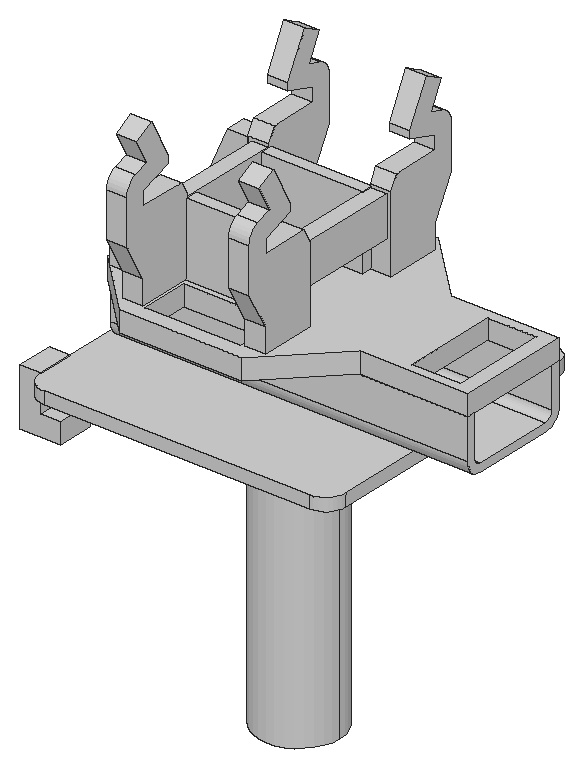
Revit family "CC4_UNIVERSAL HEAD CC_1870500", category Generic Models, Revit 2018
Family settings
  Can host rebar = No
  Round Connector Dimension = Use Diameter
  Part Type = Normal
  OmniClass Number = 35.51.14.00
  OmniClass Title = FORMWORK
  Work Plane-Based = Yes
  Always vertical = No
  Cut with Voids When Loaded = No
  Shared = Yes
  Room Calculation Point = No
Parameters
  VERSION = "20170217"  # constant formula
  URL = "www.ulmaconstruction.com/en"
  UNICLASS = ""
  Manufacturer = "ULMA CONSTRUCTION"  # constant formula
  ITEM_CODE = "1870500"
  FILTER [instance] = ""
  Default Elevation = 0.000 mm
  CLASSIFICATION_TITLE = ""
  CLASSIFICATION_NUMBER = ""
Reference planes
  plane 1 "Centro (Frontal/Posterior)": y = 0
  plane 2: z = 0
  plane 3 "Centro (Izquierda/Derecha)": x = 0
Forms (mm)
  Extrusion 1, solid, material "ULMA ZINC", detail levels medium+fine
    sketch origin (0, 0, 0) x (1, 0, 0) y (0, 1, 0)
      loop
        line (-75, 65) -> (-75, -65)
        arc (-75, -65) -> (-72.071, -72.071) -> (-65, -75) r 10
        line (-65, -75) -> (65, -75)
        arc (65, -75) -> (72.071, -72.071) -> (75, -65) r 10
        line (75, -65) -> (75, 65)
        arc (75, 65) -> (72.071, 72.071) -> (65, 75) r 10
        line (65, 75) -> (-65, 75)
        arc (-65, 75) -> (-72.071, 72.071) -> (-75, 65) r 10
    from 0 to 6
  Extrusion 2, solid, material "ULMA ZINC", detail levels medium+fine
    sketch origin (0, 0, 0) x (1, 0, 0) y (0, 1, 0)
      loop
        circle (0, 0) r 20
    from -150 to 34
  Extrusion 3, solid, material "ULMA ZINC", detail levels fine
    sketch origin (0, 0, 0) x (0, 1, 0) y (0, 0, 1)
      loop
        line (-24, 34) -> (-28, 34) -> (-28, 14)
        arc (-28, 14) -> (-25.657, 8.343) -> (-20, 6) r 8
        line (-20, 6) -> (20, 6)
        arc (20, 6) -> (25.657, 8.343) -> (28, 14) r 8
        line (28, 14) -> (28, 34) -> (24, 34) -> (24, 14)
        arc (24, 14) -> (22.828, 11.172) -> (20, 10) r 4
        line (20, 10) -> (-20, 10)
        arc (-20, 10) -> (-22.828, 11.172) -> (-24, 14) r 4
        line (-24, 14) -> (-24, 34)
    from -70 to 105
  Extrusion 4, solid, material "ULMA ZINC", detail levels fine
    sketch origin (0, 0, 0) x (1, 0, 0) y (0, 1, 0)
      loop
        line (-40, 60) -> (-70, 30) -> (-70, -30) -> (-40, -60) -> (20, -60) -> (52, -28) -> (105, -28) -> (105, 28) -> (52, 28) -> (20, 60) -> (-40, 60)
      loop
        line (-33.5, 53) -> (-33.5, 29) -> (13.5, 29) -> (13.5, 53) -> (-33.5, 53)
      loop
        line (74, 23.5) -> (74, -23.5) -> (98, -23.5) -> (98, 23.5) -> (74, 23.5)
      loop
        line (-63, 23.5) -> (-63, -23.5) -> (-39, -23.5) -> (-39, 23.5) -> (-63, 23.5)
      loop
        line (-33.5, -29) -> (-33.5, -53) -> (13.5, -53) -> (13.5, -29) -> (-33.5, -29)
    from 34 to 44
  Extrusion 5, solid, material "ULMA ZINC", detail levels fine
    sketch origin (0, 0, 0) x (0, 1, 0) y (0, 0, 1)
      loop
        line (25, 81.5) -> (25, 44) -> (52, 44) -> (52, 56) -> (62, 74) -> (62, 95.971)
        arc (62, 95.971) -> (60.514, 100.616) -> (56.607, 103.535) r 8
        line (56.607, 103.535) -> (49.499, 105.985) -> (55.79, 117.999) -> (46.931, 122.638) -> (36.746, 103.189) -> (36.746, 99.758) -> (52, 94.5) -> (52, 88) -> (28.5, 88) -> (25, 81.5)
      loop
        line (-25, 81.5) -> (-28.5, 88) -> (-52, 88) -> (-52, 94.5) -> (-36.746, 99.758) -> (-36.746, 103.189) -> (-46.931, 122.638) -> (-55.79, 117.999) -> (-49.499, 105.985) -> (-56.607, 103.535)
        arc (-56.607, 103.535) -> (-60.514, 100.616) -> (-62, 95.971) r 8
        line (-62, 95.971) -> (-62, 74) -> (-52, 56) -> (-52, 44) -> (-25, 44) -> (-25, 81.5)
    from 15 to 25
  Extrusion 6, solid, material "ULMA ZINC", detail levels fine
    sketch origin (-60, 0, 0) x (0, 1, 0) y (0, 0, 1)
      loop
        line (25, 81.5) -> (25, 44) -> (52, 44) -> (52, 56) -> (62, 74) -> (62, 95.971)
        arc (62, 95.971) -> (60.514, 100.616) -> (56.607, 103.535) r 8
        line (56.607, 103.535) -> (49.499, 105.985) -> (55.79, 117.999) -> (46.931, 122.638) -> (36.746, 103.189) -> (36.746, 99.758) -> (52, 94.5) -> (52, 88) -> (28.5, 88) -> (25, 81.5)
      loop
        line (-25, 81.5) -> (-28.5, 88) -> (-52, 88) -> (-52, 94.5) -> (-36.746, 99.758) -> (-36.746, 103.189) -> (-46.931, 122.638) -> (-55.79, 117.999) -> (-49.499, 105.985) -> (-56.607, 103.535)
        arc (-56.607, 103.535) -> (-60.514, 100.616) -> (-62, 95.971) r 8
        line (-62, 95.971) -> (-62, 74) -> (-52, 56) -> (-52, 44) -> (-25, 44) -> (-25, 81.5)
    from 15 to 25
  Extrusion 7, solid, material "ULMA ZINC", detail levels fine
    sketch origin (0, 0, 0) x (0, 1, 0) y (0, 0, 1)
      loop
        line (-25, 80) -> (-25, 60) -> (25, 60) -> (25, 80) -> (-25, 80)
    from 15 to 22.995
  Extrusion 8, solid, material "ULMA ZINC", detail levels fine
    sketch origin (-57.995, 0, 0) x (0, 1, 0) y (0, 0, 1)
      loop
        line (-25, 80) -> (-25, 60) -> (25, 60) -> (25, 80) -> (-25, 80)
    from 15 to 22.995
  Extrusion 9, solid, material "ULMA ZINC", detail levels fine
    sketch origin (0, 0, 0) x (1, 0, 0) y (0, 0, 1)
      loop
        line (-45, 81) -> (-55, 81) -> (-65, 58) -> (-65, 44) -> (-45, 44) -> (-45, 81)
    from 25 to 35
  Extrusion 10, solid, material "ULMA ZINC", detail levels fine
    sketch origin (0, 60, 0) x (1, 0, 0) y (0, 0, 1)
      loop
        line (-45, 81) -> (-55, 81) -> (-65, 58) -> (-65, 44) -> (-45, 44) -> (-45, 81)
    from 25 to 35
  Extrusion 11, solid, material "ULMA ZINC", detail levels fine
    sketch origin (0, 0, 0) x (1, 0, 0) y (0, 1, 0)
      loop
        line (-35, 26) -> (-35, 20) -> (15, 20) -> (15, 26) -> (-35, 26)
      loop
        line (-35, -20) -> (-35, -26) -> (15, -26) -> (15, -20) -> (-35, -20)
    from 44 to 80
  Extrusion 12, solid, material "ULMA ZINC", detail levels fine
    sketch origin (0, 0, 0) x (1, 0, 0) y (0, 0, 1)
      loop
        line (-75, -12) -> (-75, 6) -> (-85, 6) -> (-85, -22) -> (-65, -22) -> (-65, -12) -> (-75, -12)
    from 47 to 65
  Extrusion 13, solid, material "ULMA ZINC", detail levels fine
    sketch origin (0, 0, 0) x (0, 1, 0) y (0, 0, 1)
      loop
        line (85, -22) -> (85, 6) -> (75, 6) -> (75, -12) -> (65, -12) -> (65, -22) -> (85, -22)
    from -65 to -47
  Extrusion 14, solid, material "ULMA ZINC", detail levels medium
    sketch origin (0, 0, 0) x (0, 1, 0) y (0, 0, 1)
      loop
        line (-52, 44) -> (52, 44) -> (52, 88) -> (-52, 88) -> (-52, 44)
    from -45 to 25
  Extrusion 15, solid, material "ULMA ZINC", detail levels medium
    sketch origin (0, 0, 0) x (0, 1, 0) y (0, 0, 1)
      loop
        line (-28, 44) -> (-28, 6) -> (28, 6) -> (28, 44) -> (-28, 44)
    from -70 to 105
Lines and regions (mm)
  model lines, style "ULMA UNIVERSAL HEAD CC", detail levels fine
    curve 1: circle (-58.362, -58.362, 0) r 6 normal (0, 0, 1)
    curve 2: circle (-40, -40, 0) r 7 normal (0, 0, 1)
    curve 3: circle (-25.831, -62.362, 0) r 6 normal (0, 0, 1)
    curve 4: circle (0, -50, 0) r 4.5 normal (0, 0, 1)
    curve 5: circle (25.831, -62.362, 0) r 6 normal (0, 0, 1)
    curve 6: circle (40, -40, 0) r 7 normal (0, 0, 1)
    curve 7: circle (58.362, -58.362, 0) r 6 normal (0, 0, 1)
    curve 8: circle (-58.362, 58.362, 0) r 6 normal (0, 0, 1)
    curve 9: circle (-40, 40, 0) r 7 normal (0, 0, 1)
    curve 10: circle (-25.831, 62.362, 0) r 6 normal (0, 0, 1)
    curve 11: circle (0, 50, 0) r 4.5 normal (0, 0, 1)
    curve 12: circle (25.831, 62.362, 0) r 6 normal (0, 0, 1)
    curve 13: circle (40, 40, 0) r 7 normal (0, 0, 1)
    curve 14: circle (58.362, 58.362, 0) r 6 normal (0, 0, 1)
    curve 15: circle (0, 0, -150) r 17.5 normal (0, 0, 1)
    curve 16: circle (-58.362, -58.362, 6) r 6 normal (0, 0, 1)
    curve 17: circle (-40, -40, 6) r 7 normal (0, 0, 1)
    curve 18: circle (-25.831, -62.362, 6) r 6 normal (0, 0, 1)
    curve 19: circle (0, -50, 6) r 4.5 normal (0, 0, 1)
    curve 20: circle (25.831, -62.362, 6) r 6 normal (0, 0, 1)
    curve 21: circle (40, -40, 6) r 7 normal (0, 0, 1)
    curve 22: circle (58.362, -58.362, 6) r 6 normal (0, 0, 1)
    curve 23: circle (-58.362, 58.362, 6) r 6 normal (0, 0, 1)
    curve 24: circle (-40, 40, 6) r 7 normal (0, 0, 1)
    curve 25: circle (-25.831, 62.362, 6) r 6 normal (0, 0, 1)
    curve 26: circle (0, 50, 6) r 4.5 normal (0, 0, 1)
    curve 27: circle (25.831, 62.362, 6) r 6 normal (0, 0, 1)
    curve 28: circle (40, 40, 6) r 7 normal (0, 0, 1)
    curve 29: circle (58.362, 58.362, 6) r 6 normal (0, 0, 1)
    curve 30: circle (0, 0, 0) r 20 normal (0, 0, 1)
    curve 31: circle (25, -52, 72) r 3 normal (1, 0, 0)
    curve 32: circle (25, 52, 72) r 3 normal (1, 0, 0)
    curve 33: circle (-35, -52, 72) r 3 normal (1, 0, 0)
    curve 34: circle (-35, 52, 72) r 3 normal (1, 0, 0)
    curve 35: circle (15, -52, 72) r 3 normal (1, 0, 0)
    curve 36: circle (15, 52, 72) r 3 normal (1, 0, 0)
    curve 37: circle (-45, -52, 72) r 3 normal (1, 0, 0)
    curve 38: circle (-45, 52, 72) r 3 normal (1, 0, 0)
  model lines, style "ULMA UNIVERSAL HEAD CC", detail levels coarse
    curve 39: line (-90, 90, 0) -> (90, 90, 0)
    curve 40: line (-90, -90, 0) -> (-90, 90, 0)
    curve 41: line (90, -90, 0) -> (-90, -90, 0)
    curve 42: line (90, 90, 0) -> (90, -90, 0)
    curve 43: line (-90, 90, 0) -> (-26.36, 26.36, 0)
    curve 44: line (90, 90, 0) -> (26.36, 26.36, 0)
    curve 45: line (-90, -90, 0) -> (-26.36, -26.36, 0)
    curve 46: line (90, -90, 0) -> (26.36, -26.36, 0)
Dimensions and locks
  aligned and locked: level to plane 2
